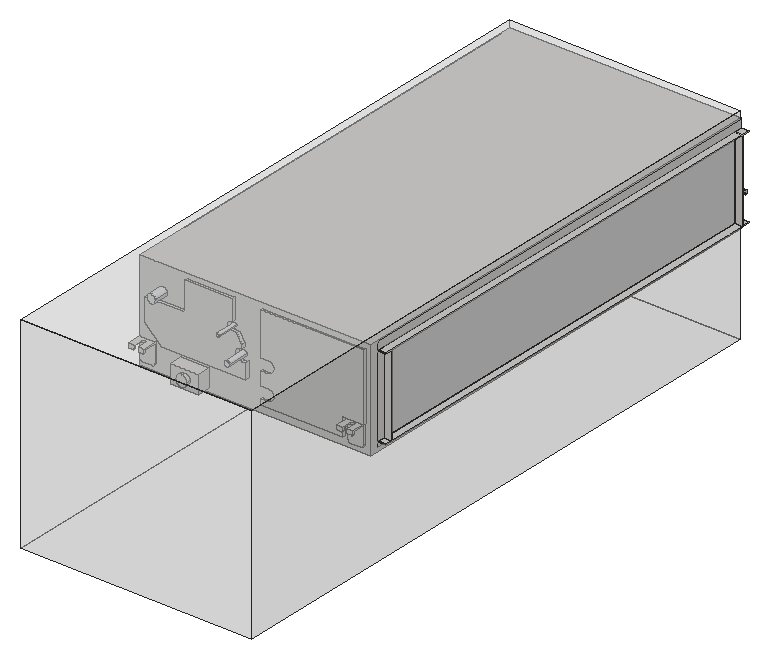
Revit family "outputfile", category 機械設備, Revit 2024
Family settings
  丸型コネクタ寸法 = 半径を使用
  パーツ タイプ = 標準
  OmniClass 番号 = 23.75.10.24.21.27.27
  OmniClass タイトル = Split System Air Conditioning Units
  作業面ベース = いいえ
  常に垂直 = はい
  ロード時にボイドで切り取り = いいえ
  注釈の向きを維持 = いいえ
  共有 = いいえ
  部屋計算ポイント = はい
Parameters (values of type "FXMQ100PAVS")
  Description = ""
  製造元 = "Daikin"
  書き出し IFC クラス(タイプ) = "IfcUnitaryEquipmentType"
  定義済み IFC タイプ(タイプ) = "AIRCONDITIONINGUNIT"
  Cost = 0
  モデル = "FXMQ100PAVS"
  Type Comments = ""
  Keynote = ""
  Type Image = (empty or 0)
  Assembly Code = ""
  r_Liquid Pipe Size = Liquid Pipe Size / 2  # 4.75 mm
  r_Gas Pipe Size = Gas Pipe Size / 2  # 7.95 mm
  r_Drain Pipe Size = Drain Pipe Size / 2  # 12.5 mm
  lw_power = 396.0 mm  # constant formula
  lh_SA = 165.0 mm  # constant formula
  lw_SA = if(Depth = 550.0 mm, 210.0 mm, if(Depth = 700.0 mm, 285.0 mm, if(Depth = 1000.0 mm, 435.0 mm, 635.0 mm)))  # 635.0 mm
  lw_RA = if(Depth = 550.0 mm, 288.0 mm, if(Depth = 700.0 mm, 363.0 mm, if(Depth = 1000.0 mm, 513.0 mm, 713.0 mm)))  # 713.0 mm
  lh_power = 60.0 mm + [h***]  # 60.0 mm
  lh_mountinghole1 = lh_mountinghole + [h***]  # 80.0 mm
  lh_RA = 150.0 mm  # constant formula
  ld_power = Depth / 2  # 700.0 mm
  Voltage_comment_50Hz = "220-240"
  Voltage_50Hz = 220 V
  URL = ""
  Supply Air Direction [instance] = yes
  Sound Power Level_H speed (dB) = 61
  Phase_50Hz = 1
  Minimum External Static Pressure = 50.00 Pa
  Minimum Circuit Amps_50Hz = 2.9 A
  Maximum Fuse Amps_50Hz = 16.0 A
  Maximum External Static Pressure = 200.00 Pa
  Material_Casing = DAIKIN_GalvanizedSteel_Casing_indoorunit
  lw_mountinghole = 631.0 mm  # constant formula
  lh_gaspipe = 144.0 mm + [h***]  # 144.0 mm
  lh_mountinghole = 80.0 mm  # constant formula
  lh_liquidpipe = 212.0 mm + [h***]  # 212.0 mm
  lh_drainpipe = 232.0 mm + [h***]  # 232.0 mm
  lh_antena = Height - lh_mountinghole + 1.0 mm  # 221.0 mm
  ld_drainpipe = Depth / 2 + 54.0 mm  # 754.0 mm
  ld_liquidpipe = 765.0 mm
  ld_gaspipe = 765.0 mm
  ld_mountinghole = Depth + 38.0 mm  # 1438.0 mm
  h*** = 0.0 mm  # constant formula
  lw_liquidpipe = 290.0 mm  # constant formula
  lw_gaspipe = 318.0 mm  # constant formula
  lw_drainpipe = 80.0 mm  # constant formula
  Width = 700.0 mm
  Version = "ver.1.0"
  Unit Type = "Middle-High Static Pressure Duct Type"
  Unit Mass Weight = 45.00 kg
  Unit Designation [instance] = ""
  Uniclass2015Version = "Products v1.30"
  Uniclass2015Title = "Variable refrigerant flow units"
  Uniclass2015Code = "Pr_70_65_03_94"
  Total Heating Capacity [instance] = 0.000 kW
  Total Cooling Capacity [instance] = 0.000 kW
  Sound Pressure Level_M speed (dBA) = 0
  Sound Pressure Level_L speed (dBA) = 39
  Sound Pressure Level_H speed (dBA) = 43
  Series = "VRV Fan Coil Unit"
  Sensible Cooling Capacity [instance] = 0.000 kW
  SA Duct Size Width = if(Depth = 550.0 mm, 310.0 mm, if(Depth = 700.0 mm, 460.0 mm, if(Depth = 1000.0 mm, 760.0 mm, 1160.0 mm)))  # 1160.0 mm
  SA Duct Size Height = 215.0 mm
  Refrigerant Type = "R410A"
  RA Duct Size Width = if(Depth = 550.0 mm, 475.0 mm, if(Depth = 700.0 mm, 625.0 mm, if(Depth = 1000.0 mm, 925.0 mm, 1325.0 mm)))  # 1325.0 mm
  RA Duct Size Height = 247.0 mm
  Power Input (Heating) = 0.364 kW
  Power Input (Cooling) = 0.376 kW
  Option Accessory 3 [instance] = ""
  Option Accessory 2 [instance] = ""
  Option Accessory 1 [instance] = ""
  Nominal Heating Capacity = 12.500 kW
  Nominal Cooling Capacity = 11.200 kW
  Minimum Airflow = 1380.00 m³/h
  Median Airflow = 1620.00 m³/h
  Maximum Airflow = 1920.00 m³/h
  Load Classification = HVAC
  Liquid Pipe Size = 9.5 mm
  Link_Nested Family [instance] = ""
  IfcVersion = "0"
  IfcExportType = "AIRCONDITIONINGUNIT"
  IfcExportAs = "IfcUnitaryEquipmentType"
  Height = 300.0 mm
  Heating Entering Wet Bulb Temperature [instance] = 0.00 °C
  Heating Entering Dry Bulb Temperature [instance] = 0.00 °C
  Heating Ambient Wet Bulb Temperature [instance] = 0.00 °C
  Heating Ambient Dry Bulb Temperature [instance] = 0.00 °C
  Heat Exchanger Type = "Cross Fin Coil"
  Gas Pipe Size = 15.9 mm
  Frequency_50Hz = 50 Hz
  Fan Type = "Sirocco Fan"
  Fan Drive = "Direct Drive"
  FCU Tag No. [instance] = ""
  Drain Pipe Size = 25.0 mm
  Design Supply Airflow [instance] = 0.00 m³/h
  Design Return Airflow [instance] = 0.00 m³/h
  Design External Static Pressure [instance] = 0.00 Pa
  Depth = 1400.0 mm
  既定の高さ = 0.0 mm
  Cooling Entering Wet Bulb Temperature [instance] = 0.00 °C
  Cooling Entering Dry Bulb Temperature [instance] = 0.00 °C
  Cooling Ambient Wet Bulb Temperature [instance] = 0.00 °C
  Cooling Ambient Dry Bulb Temperature [instance] = 0.00 °C
  Clearance visibility [instance] = yes
  Clearance Top = 20.0 mm
  Clearance Right = 0.0 mm
  Clearance Rear = 0.0 mm
  Clearance Left = 0.0 mm
  Clearance Front = 450.0 mm
  Clearance Bottom = 300.0 mm
Reference planes
  plane 1 "Center (Front/Back)": y = 0
  plane 2 "h": z = 0
  plane 3 "Center (Left/Right)": x = 0
  plane 4 "Back": y = 700
  plane 5 "Front": y = -700
  plane 6 "Left": x = -350
  plane 7 "Reight": x = 350
  plane 8 "Top": z = 0
  plane 9 "Bottom": z = -300
  plane 10: y = -215
  plane 11: y = 700
  plane 12: y = -1150
  plane 13: x = -350
  plane 14: x = 350
  plane 15: z = 20
  plane 16: z = -600
  plane 17: x = -350
  plane 18: z = -135
  plane 19: x = -349
  plane 20: x = 349
  plane 21: y = 65
  plane 22: y = 13
  plane 23: z = -150
  plane 24: y = -710.8
  plane 25: z = -14
  plane 26: z = -219
  plane 27: x = -324
  plane 28: x = -60
  plane 29: x = -20
  plane 30: z = -156
  plane 31: x = -32
  plane 32: z = -88
  plane 33: x = 23
  plane 34: x = 335
  plane 35: z = -15.8
  plane 36: z = -274.8
  plane 37: z = -219.8
  plane 38: x = 271
  plane 39: x = -223.3
  plane 40: x = -138.3
  plane 41: z = -232.7
  plane 42: z = -288.5
  plane 43: y = -741
  plane 44: x = -181
  plane 45: z = -260
  plane 46: y = -751
  plane 47: z = -163.8
  plane 48: z = -239.8
  plane 49: x = 46
  plane 50: z = -88
  plane 51: x = -60
  plane 52: y = -765
  plane 53: z = -156
  plane 54: x = -32
  plane 55: y = -754
  plane 56: z = -68
  plane 57: x = -270
  plane 58: x = -270
  plane 59: x = -60
  plane 60: x = -32
  plane 61: x = 46
  plane 62: x = -323
  plane 63: x = 308
  plane 64: y = -719
  plane 65: y = 719
  plane 66: z = -220
  plane 67: y = -706
  plane 68: x = -204
  plane 69: z = -100.2
  plane 70: x = -374
  plane 71: x = 374
Forms (mm)
  Extrusion 1, solid, material "DAIKIN_GalvanizedSteel_Casing_indoorunit" <- "Material_Casing"
    sketch origin (0, 0, 0) x (1, 0, 0) y (0, 1, 0)
      loop
        line (-349, 700) -> (-349, -700) -> (349, -700) -> (349, 700) -> (-349, 700)
    from -300 to 0
  Extrusion 2, solid, material "DAIKIN_GalvanizedSteel_Casing_indoorunit" <- "Material_Casing"
    sketch origin (0, 0, 0) x (1, 0, 0) y (0, 0, 1)
      loop
        line (-324, -100.2) -> (-324, -168) -> (-273, -219) -> (-20, -219) -> (-20, -173.5) -> (-32, -173.5)
        arc (-32, -173.5) -> (-49.5, -156) -> (-32, -138.5) r 17.5
        line (-32, -138.5) -> (-32, -127.5) -> (-47, -101) -> (-60, -101)
        arc (-60, -101) -> (-73, -88) -> (-60, -75) r 13
        line (-60, -75) -> (-60, -14) -> (-204, -14) -> (-204, -100.2) -> (-324, -100.2)
    from 700 to 710.8
  Extrusion 3, solid, material "DAIKIN_GalvanizedSteel_Casing_indoorunit" <- "Material_Casing"
    sketch origin (0, 0, 0) x (1, 0, 0) y (0, 0, 1)
      loop
        line (23, -274.8) -> (271, -274.8) -> (271, -219.8) -> (335, -219.8) -> (335, -15.8) -> (23, -15.8) -> (23, -146.3) -> (46, -146.3)
        arc (46, -146.3) -> (63.5, -163.8) -> (46, -181.3) r 17.5
        line (46, -181.3) -> (23, -181.3) -> (23, -222.3) -> (46, -222.3)
        arc (46, -222.3) -> (63.5, -239.8) -> (46, -257.3) r 17.5
        line (46, -257.3) -> (23, -257.3) -> (23, -274.8)
    from 700 to 706
  Extrusion 4, solid, material "DAIKIN_GalvanizedSteel_Casing_indoorunit" <- "Material_Casing"
    sketch origin (0, 0, 0) x (1, 0, 0) y (0, 0, 1)
      loop
        line (-223.3, -232.7) -> (-223.3, -288.5) -> (-138.3, -288.5) -> (-138.3, -232.7) -> (-223.3, -232.7)
    from 700 to 741
  Extrusion 5, solid, material "DAIKIN_GalvanizedSteel_Casing_indoorunit" <- "Material_Casing"
    sketch origin (0, 0, 0) x (1, 0, 0) y (0, 0, 1)
      loop
        circle (-181, -260) r 16.5
    from 741 to 751
  Extrusion 6, solid
    sketch origin (0, 0, 0) x (1, 0, 0) y (0, 0, 1)
      loop
        circle (-60, -88) r 4.75
    from 700 to 765
  Extrusion 7, solid
    sketch origin (0, 0, 0) x (1, 0, 0) y (0, 0, 1)
      loop
        circle (-32, -156) r 7.95
    from 700 to 765
  Extrusion 8, solid
    sketch origin (0, 0, 0) x (1, 0, 0) y (0, 0, 1)
      loop
        circle (-270, -68) r 12.5
    from 710.8 to 754
Dimensions and locks
  "Height": plane 8 "Top" to plane 9 "Bottom"
  equal spacing: plane 4 "Back", plane 1 "Center (Front/Back)", plane 5 "Front"
  "Depth": plane 4 "Back" to plane 5 "Front"
  equal spacing: plane 6 "Left", plane 3 "Center (Left/Right)", plane 7 "Reight"
  "Width": plane 6 "Left" to plane 7 "Reight"
  "Clearance Left": plane 13 to plane 6 "Left"
  "Clearance Right": plane 7 "Reight" to plane 14
  "Clearance Rear": plane 11 to plane 4 "Back"
  "Clearance Front": plane 5 "Front" to plane 12
  "Clearance Top": plane 15 to plane 8 "Top"
  "Clearance Bottom": plane 9 "Bottom" to plane 16
  "lh_SA": plane 18 to plane 9 "Bottom"
  locked: plane 17 to plane 19 at 1
  locked: plane 20 to plane 14 at 1
  "lw_SA": plane 11 to plane 21
  "lw_RA": plane 22 to plane 5 "Front"
  "lh_RA": plane 23 to plane 9 "Bottom"
  locked: plane 5 "Front" to plane 24 at 10.8
  plane 29 to plane 28 to plane 27 to plane 6 "Left" = 40.0 mm, 264.0 mm, 26.0 mm
  locked: plane 31 to plane 6 "Left" at 318
  plane 34 to plane 33 to plane 6 "Left" = 312.0 mm locked, 373.0 mm locked
  locked: plane 34 to plane 38 at 64
  locked: plane 37 to plane 36 at 55
  plane 40 to plane 39 to plane 6 "Left" = 85.0 mm locked, 126.7 mm locked
  locked: plane 5 "Front" to plane 43 at 41
  locked: plane 44 to plane 6 "Left" at 169
  locked: plane 43 to plane 46 at 10
  plane 47 to plane 48 to plane 36 = 76.0 mm locked, 35.0 mm locked
  locked: plane 49 to plane 33 at 23
  "lw_liquidpipe": plane 51 to plane 6 "Left"
  "lh_liquidpipe": plane 50 to plane 9 "Bottom"
  "lh_gaspipe": plane 53 to plane 9 "Bottom"
  "lw_gaspipe": plane 54 to plane 6 "Left"
  "ld_gaspipe": plane 52 to plane 1 "Center (Front/Back)"
  "ld_drainpipe": plane 55 to plane 1 "Center (Front/Back)"
  "lh_drainpipe": plane 56 to plane 9 "Bottom"
  "lw_drainpipe": plane 57 to plane 6 "Left"
  "lw_drainpipe": plane 6 "Left" to plane 58
  "lw_liquidpipe": plane 6 "Left" to plane 59
  "lw_gaspipe": plane 6 "Left" to plane 60
  "lw_power": plane 6 "Left" to plane 61
  plane 17 to plane 62 = 27.0 mm
  "lw_mountinghole": plane 62 to plane 63
  equal spacing: plane 64, plane 1 "Center (Front/Back)", plane 65
  "ld_mountinghole": plane 65 to plane 64
  "lh_mountinghole": plane 66 to plane 9 "Bottom"
  plane 8 "Top" to plane 41 to plane 42 = 232.7 mm locked, 55.8 mm locked
  locked: plane 8 "Top" to plane 45 at 260
  plane 8 "Top" to plane 25 to plane 26 = 14.0 mm locked, 205.0 mm locked
  plane 8 "Top" to plane 32 to plane 30 = 88.0 mm locked, 68.0 mm locked
  plane 8 "Top" to plane 35 to plane 36 = 15.8 mm locked, 259.0 mm locked
  locked: plane 5 "Front" to plane 67 at 6
  locked: plane 25 to plane 69 at 86.2
  locked: plane 27 to plane 68 at 120
  locked: plane 70 to plane 6 "Left" at 24
  locked: plane 14 to plane 71 at 24
  "r_Liquid Pipe Size": radius of Extrusion 6 sketch curve
  "r_Gas Pipe Size": radius of Extrusion 7 sketch curve
  "r_Drain Pipe Size": radius of Extrusion 8 sketch curve
  aligned and locked: level to plane 2 "h"
  aligned and locked: plane 8 "Top" to Extrusion 1
  aligned and locked: Extrusion 1 to plane 9 "Bottom"
  aligned and locked: nested 5 to plane 12
  aligned and locked: plane 13 to nested 5
  aligned and locked: plane 14 to nested 5
  aligned and locked: nested 5 to plane 13
  aligned and locked: plane 11 to nested 5
  aligned and locked: plane 15 to nested 5
  aligned and locked: plane 16 to nested 5
  aligned and locked: plane 5 "Front" to Extrusion 1 sketch curve
  aligned and locked: Extrusion 1 to plane 19
  aligned and locked: plane 20 to Extrusion 1
  aligned and locked: nested 7 to plane 19
  aligned and locked: nested 7 to plane 21
  aligned and locked: plane 18 to nested 7
  aligned and locked: plane 20 to nested 8
  aligned and locked: plane 22 to nested 8
  aligned and locked: plane 23 to nested 8
  aligned and locked: Extrusion 2 to plane 24
  aligned and locked: plane 5 "Front" to Extrusion 2
  aligned and locked: plane 36 to Extrusion 3 sketch curve
  aligned and locked: plane 38 to Extrusion 3 sketch curve
  aligned and locked: plane 37 to Extrusion 3 sketch curve
  aligned and locked: Extrusion 3 sketch curve to plane 34
  aligned and locked: Extrusion 3 sketch curve to plane 35
  aligned and locked: Extrusion 3 sketch curve to plane 33
  aligned and locked: plane 5 "Front" to Extrusion 3
  aligned and locked: Extrusion 4 sketch curve to plane 41
  aligned and locked: Extrusion 4 sketch curve to plane 39
  aligned and locked: plane 42 to Extrusion 4 sketch curve
  aligned and locked: plane 40 to Extrusion 4 sketch curve
  aligned and locked: Extrusion 4 to plane 43
  aligned and locked: plane 5 "Front" to Extrusion 4
  aligned and locked: Extrusion 5 sketch curve to plane 44
  aligned and locked: plane 45 to Extrusion 5 sketch curve
  aligned and locked: Extrusion 5 to plane 46
  aligned and locked: plane 43 to Extrusion 5
  aligned and locked: Extrusion 6 sketch curve to plane 51
  aligned and locked: plane 50 to Extrusion 6 sketch curve
  aligned and locked: Extrusion 6 to plane 52
  aligned and locked: plane 5 "Front" to Extrusion 6
  aligned and locked: Extrusion 7 sketch curve to plane 54
  aligned and locked: plane 53 to Extrusion 7 sketch curve
  aligned and locked: Extrusion 7 to Extrusion 6
  aligned and locked: plane 5 "Front" to Extrusion 7
  aligned and locked: Extrusion 8 sketch curve to plane 57
  aligned and locked: plane 56 to Extrusion 8 sketch curve
  aligned and locked: Extrusion 8 to plane 55
  aligned and locked: plane 24 to Extrusion 8
  aligned and locked: nested 3 to plane 55
  aligned and locked: nested 3 to plane 58
  aligned and locked: nested 2 to plane 59
  aligned and locked: nested 2 to plane 52
  aligned and locked: nested 1 to plane 60
  aligned and locked: Extrusion 7 to plane 52
  aligned and locked: nested 1 to plane 52
  aligned and locked: nested 6 to plane 5 "Front"
  aligned and locked: nested 6 to plane 61
  aligned and locked: plane 62 to nested 10
  aligned and locked: nested 10 to plane 5 "Front"
  aligned and locked: plane 63 to nested 9
  aligned and locked: nested 9 to plane 5 "Front"
  aligned and locked: nested 11 to plane 62
  aligned and locked: plane 4 "Back" to nested 11
  aligned and locked: nested 12 to plane 63
  aligned and locked: plane 4 "Back" to nested 12
  aligned and locked: plane 66 to nested 10
  aligned and locked: plane 66 to nested 11
  aligned and locked: plane 66 to nested 9
  aligned and locked: plane 66 to nested 12
  aligned and locked: plane 62 to nested 14
  aligned and locked: nested 14 to plane 65
  aligned and locked: plane 63 to nested 13
  aligned and locked: nested 13 to plane 65
  aligned and locked: plane 63 to nested 16
  aligned and locked: plane 64 to nested 16
  aligned and locked: plane 64 to nested 15
  aligned and locked: plane 62 to nested 15
  aligned and locked: Extrusion 3 to plane 67
  aligned and locked: Extrusion 2 sketch curve to plane 68
  aligned and locked: plane 69 to Extrusion 2 sketch curve
  aligned and locked: nested 17 to plane 21
  aligned and locked: nested 17 to plane 70
  aligned and locked: plane 18 to nested 17
  aligned and locked: plane 22 to nested 18
  aligned and locked: plane 71 to nested 18
  aligned and locked: nested 18 to plane 23
  aligned and locked: nested 4 to plane 3 "Center (Left/Right)"
  aligned and locked: plane 1 "Center (Front/Back)" to nested 4
  aligned and locked: level to plane 8 "Top"
Automatic sketch dimensions
  plane 6 "Left" to Extrusion 1 sketch curve = 1.0 mm
  Extrusion 1 sketch curve to plane 7 "Reight" = 1.0 mm
  Extrusion 1 sketch curve to plane 4 "Back" = 0.0 mm
  Extrusion 3 sketch curve to plane 33 = 0.0 mm  (x2)
  Extrusion 3 sketch curve to plane 47 = 0.0 mm
  Extrusion 3 sketch curve to plane 49 = 0.0 mm  (x4)
  Extrusion 3 sketch curve to plane 48 = 0.0 mm
  Extrusion 3 sketch curve to plane 37 = 2.5 mm
  plane 23 to Extrusion 3 sketch curve = 3.7 mm
  plane 27 to Extrusion 2 sketch curve = 0.0 mm
  Extrusion 2 sketch curve to plane 26 = 0.0 mm
  Extrusion 2 sketch curve to plane 28 = 0.0 mm
  Extrusion 2 sketch curve to plane 31 = 0.0 mm
  Extrusion 2 sketch curve to plane 29 = 0.0 mm
  Extrusion 2 sketch curve to plane 30 = 0.0 mm
  Extrusion 2 sketch curve to plane 32 = 0.0 mm
  Extrusion 2 sketch curve to plane 25 = 0.0 mm
  Extrusion 2 sketch curve to Extrusion 2 sketch curve = 13.0 mm
  Extrusion 2 sketch curve to Extrusion 2 sketch curve = 17.5 mm
  plane 18 to Extrusion 2 sketch curve = 7.5 mm
  Extrusion 2 sketch curve to plane 58 = 3.0 mm
  Extrusion 2 sketch curve to plane 30 = 12.0 mm
  Extrusion 2 sketch curve to Extrusion 2 sketch curve = 0.8 mm
  radius of Extrusion 5 sketch curve = 16.5 mm
Nested families
  nested 1: "daikin_connector_rotate2" at (-32, 0, -156), length <- "ld_gaspipe", built-in parameter 1001364 <- "lh_gaspipe", radius <- "r_Gas Pipe Size", type "daikin_connector_rotate2"
    with radius 7.95 mm, length 765.0 mm, angle_vertical 90.00°
  nested 2: "daikin_connector_rotate2" at (-60, 0, -88), length <- "ld_liquidpipe", built-in parameter 1001364 <- "lh_liquidpipe", radius <- "r_Liquid Pipe Size", type "daikin_connector_rotate2"
    with radius 4.75 mm, length 765.0 mm, angle_vertical 90.00°
  nested 3: "daikin_connector_rotate2" at (-270, 0, -68), length <- "ld_drainpipe", built-in parameter 1001364 <- "lh_drainpipe", radius <- "r_Drain Pipe Size", type "daikin_connector_rotate2"
    with radius 12.5 mm, length 754.0 mm, angle_vertical 90.00°
  nested 4: "daikin_△_symbolicline" at (0, 0, 300) x (0, -1, 0) z (0, 0, 1), built-in parameter 1001364 <- "Height", visible <- "Supply Air Direction", type "daikin_△_symbolicline"
    with length 200.0 mm
  nested 5: "daikin_clearancespace" at (0, -225, -289.881), visible <- "Clearance visibility", show <- "Clearance visibility", Link_Nested Family <- "Link_Nested Family", type "daikin_clearancespace"
    with width 700.0 mm, show yes, height 620.0 mm, depth 1850.0 mm, Link_Nested Family ""
  nested 6: "daikin_connector_rotate2" at (46, 0, -240), built-in parameter 1001364 <- "lh_power", length <- "ld_power", type "daikin_connector_rotate2"
    with radius 10.0 mm, length 700.0 mm, angle_vertical 90.00°
  nested 7: "daikin_ductflange_FXMQ-PAVS2" at (-349, 65, -135) x (0, -1, 0) z (0, 0, 1), type "daikin_ductflange_FXMQ-PAVS2"
    with width 1160.0 mm, w 1400.0 mm
  nested 8: "daikin_ductflange_FXMQ-PAVS" at (349, 13, -150) x (0, 1, 0) z (0, 0, 1), type "daikin_ductflange_FXMQ-PAVS"
    with width 1325.0 mm, w 1400.0 mm
  nested 9: "daikin_hangerfixture_FXMQ-PAVS" at (308, -700, -220), type "daikin_hangerfixture_FXMQ-PAVS"
  nested 10: "daikin_hangerfixture_FXMQ-PAVS" at (-323, -700, -220), type "daikin_hangerfixture_FXMQ-PAVS"
  nested 11: "daikin_hangerfixture_FXMQ-PAVS" at (-323, 700, -220) x (-1, 0, 0) z (0, 0, 1), type "daikin_hangerfixture_FXMQ-PAVS"
  nested 12: "daikin_hangerfixture_FXMQ-PAVS" at (308, 700, -220) x (-1, 0, 0) z (0, 0, 1), type "daikin_hangerfixture_FXMQ-PAVS"
  nested 13: "daikin_mountinghole" at (308, 719, -300), h_mountinghole <- "lh_mountinghole1", l_antenna <- "lh_antena", Link_Nested Family <- "Link_Nested Family", type "daikin_mountinghole"
    with show yes, l_antenna 221.0 mm, h_mountinghole 80.0 mm, Link_Nested Family ""
  nested 14: "daikin_mountinghole" at (-323, 719, -300), h_mountinghole <- "lh_mountinghole1", l_antenna <- "lh_antena", Link_Nested Family <- "Link_Nested Family", type "daikin_mountinghole"
    with show yes, l_antenna 221.0 mm, h_mountinghole 80.0 mm, Link_Nested Family ""
  nested 15: "daikin_mountinghole" at (-323, -719, -300), h_mountinghole <- "lh_mountinghole1", l_antenna <- "lh_antena", Link_Nested Family <- "Link_Nested Family", type "daikin_mountinghole"
    with show yes, l_antenna 221.0 mm, h_mountinghole 80.0 mm, Link_Nested Family ""
  nested 16: "daikin_mountinghole" at (308, -719, -300), h_mountinghole <- "lh_mountinghole1", l_antenna <- "lh_antena", Link_Nested Family <- "Link_Nested Family", type "daikin_mountinghole"
    with show yes, l_antenna 221.0 mm, h_mountinghole 80.0 mm, Link_Nested Family ""
  nested 17: "daikin_connector_rotate2" at (-350, 65, -135) x (0, -1, 0) z (0, 0, 1), type "daikin_connector_rotate2"
    with radius 10.0 mm, length 24.0 mm, angle_vertical 90.00°
  nested 18: "daikin_connector_rotate2" at (350, 13, -150) x (0, 1, 0) z (0, 0, 1), type "daikin_connector_rotate2"
    with radius 10.0 mm, length 24.0 mm, angle_vertical 90.00°
Connectors
  piping at (-270, -754, -68), diameter 25, driven by "r_Drain Pipe Size"
    settings: on nested 3, index 3, connector inside diameter 609.6 mm, connector length 0.0 mm, flow factor 0, pipe flow 0.00 m³/h, pressure drop 0.0 Pa, fitting loss kfactor 0, connector angle 0.00°, fixture units 0, engagement length 0.0 mm, angle of deflection 0.00°, flow configuration 1, flow direction 2, fitting loss method 4, system type 16, joint type 0, gender type 0, connector reference index -1, connector utility 0, adjustable connector no, is connector primary yes, connector description "Condensate Drain Piping"
  piping at (-32, -765, -156), diameter 15.9, driven by "r_Gas Pipe Size"
    settings: on nested 1, index 4, connector inside diameter 609.6 mm, connector length 0.0 mm, flow factor 0, pipe flow 0.00 m³/h, pressure drop 0.0 Pa, fitting loss kfactor 0, connector angle 0.00°, fixture units 0, engagement length 0.0 mm, angle of deflection 0.00°, flow configuration 1, flow direction 2, fitting loss method 0, system type 29, joint type 0, gender type 0, connector reference index -1, connector utility 0, adjustable connector no, is connector primary no, connector description "Refrigerant Gas Piping"
  piping at (-60, -765, -88), diameter 9.5, driven by "r_Liquid Pipe Size"
    settings: on nested 2, index 5, connector inside diameter 609.6 mm, connector length 0.0 mm, flow factor 0, pipe flow 0.00 m³/h, pressure drop 0.0 Pa, fitting loss kfactor 0, connector angle 0.00°, fixture units 0, engagement length 0.0 mm, angle of deflection 0.00°, flow configuration 1, flow direction 1, fitting loss method 0, system type 29, joint type 0, gender type 0, connector reference index -1, connector utility 0, adjustable connector no, is connector primary no, connector description "Refrigerant Liquid Piping"
  electrical at (46, -700, -240), driven by "Load Classification"
    settings: on nested 6, index 6, voltage 0 V, apparent load 0 VA, apparent load phase1 0 VA, apparent load phase2 0 VA, apparent load phase3 0 VA, power factor 1, load classification "HVAC", number of poles 1, system type 30, power factor state 1, is connector primary yes, connector utility no, sub classification motor no, connector description "Power Supply"
  hvac at (-374, 65, -135), driven by "SA Duct Size Height", driven by "SA Duct Size Width"
    settings: on nested 17, index 7, duct flow 0.00 m³/h, flow factor 0, pres drop 0.00 Pa, loss coef 0, conn angle 0.00°, conn width 1160.0 mm, conn height 215.0 mm, conn diameter 609.6 mm, duct sys type 1, conn prof type 1, flow config 0, flow direction 2, loss method 4, conn ref index -1, conn util no, is conn primary yes, conn desc "SA Duct"
  hvac at (374, 13, -150), driven by "RA Duct Size Height", driven by "RA Duct Size Width"
    settings: on nested 18, index 8, duct flow 0.00 m³/h, flow factor 0, pres drop 0.00 Pa, loss coef 0, conn angle 0.00°, conn width 1325.0 mm, conn height 247.0 mm, conn diameter 609.6 mm, duct sys type 2, conn prof type 1, flow config 0, flow direction 1, loss method 4, conn ref index -1, conn util no, is conn primary no, conn desc "RA Duct"
Definition of nested family "daikin_clearancespace"
  Parameters (values of type "daikin_clearancespace")
    width [instance] = 1823.963 mm
    show [instance] = yes
    material = none
    height [instance] = 1359.762 mm
    depth [instance] = 880.0 mm
    Default Elevation = 0.0 mm
    Link_Nested Family [instance] = ""
  Reference planes
    plane 1 "Center (Front/Back)": y = 0
    plane 2 "Center (Elevation)": z = -0.119
    plane 3 "Center (Left/Right)": x = 0
    plane 4: y = 440
    plane 5: y = -440
    plane 6 "Right": x = 911.982
    plane 7 "Left": x = -911.982
    plane 8 "Top": z = 679.762
    plane 9 "Bottom": z = -680
  Forms (mm)
    Extrusion 1, solid, material <- "material", visible <- "show"
      sketch origin (0, 0, 0) x (1, 0, 0) y (0, 1, 0)
        loop
          line (-911.982, 440) -> (-911.982, -440) -> (911.982, -440) -> (911.982, 440) -> (-911.982, 440)
      from -680 to 679.762
  Lines and regions (mm)
    symbolic lines, visible <- "show"
      curve 1: line (911.982, 440, 0) -> (-911.982, 440, 0)
      curve 2: line (-911.982, 440, 0) -> (-911.982, -440, 0)
      curve 3: line (-911.982, -440, 0) -> (911.982, -440, 0)
      curve 4: line (911.982, -440, 0) -> (911.982, 440, 0)
      curve 5: line (911.982, 0, 679.762) -> (-911.982, 0, 679.762)
      curve 6: line (911.982, 0, -680) -> (911.982, 0, 679.762)
      curve 7: line (-911.982, 0, -680) -> (911.982, 0, -680)
      curve 8: line (-911.982, 0, 679.762) -> (-911.982, 0, -680)
      curve 9: line (0, 440, 679.762) -> (0, -440, 679.762)
      curve 10: line (0, -440, 679.762) -> (0, -440, -680)
      curve 11: line (0, 440, -680) -> (0, 440, 679.762)
      curve 12: line (0, -440, -680) -> (0, 440, -680)
  Dimensions and locks
    "width": plane 7 "Left" to plane 6 "Right"
    "depth": plane 4 to plane 5
    "height": plane 8 "Top" to plane 9 "Bottom"
    equal spacing: plane 7 "Left", plane 3 "Center (Left/Right)", plane 6 "Right"
    equal spacing: plane 4, plane 1 "Center (Front/Back)", plane 5
    equal spacing: plane 8 "Top", plane 2 "Center (Elevation)", plane 9 "Bottom"
    aligned and locked: level to plane 2 "Center (Elevation)"
    aligned and locked: Extrusion 1 sketch curve to plane 4
    aligned and locked: plane 7 "Left" to Extrusion 1 sketch curve
    aligned and locked: Extrusion 1 sketch curve to plane 5
    aligned and locked: Extrusion 1 sketch curve to plane 6 "Right"
    aligned and locked: plane 8 "Top" to Extrusion 1
    aligned and locked: curve 1 to Extrusion 1
    aligned and locked: curve 2 to Extrusion 1
    aligned and locked: curve 3 to Extrusion 1
    aligned and locked: curve 4 to Extrusion 1
    aligned and locked: curve 5 to Extrusion 1
    aligned and locked: curve 6 to Extrusion 1
    aligned and locked: curve 7 to Extrusion 1
    aligned and locked: curve 8 to Extrusion 1
    aligned and locked: curve 9 to Extrusion 1
    aligned and locked: curve 10 to Extrusion 1
    aligned and locked: curve 11 to Extrusion 1
    aligned and locked: curve 12 to Extrusion 1
    aligned and locked: Extrusion 1 to plane 9 "Bottom"
Definition of nested family "daikin_ductflange_FXMQ-PAVS2"
  Parameters (values of type "daikin_ductflange_FXDSQ-AVM2")
    width = if(w = 550.0 mm, 310.0 mm, if(w = 700.0 mm, 460.0 mm, if(w = 1000.0 mm, 760.0 mm, 1160.0 mm)))  # 310.0 mm
    material = none
    height = 215.0 mm
    depth = 1.0 mm
    w = 550.0 mm
    Default Elevation = 0.0 mm
  Reference planes
    plane 1 "Center (Front/Back)": y = 0
    plane 2: z = 0
    plane 3 "Center (Left/Right)": x = 0
    plane 4: z = 107.5
    plane 5: z = -107.5
    plane 6: y = -25
    plane 7: z = 132.5
    plane 8: z = 108.5
    plane 9: y = -1
    plane 10: x = -177.5
    plane 11: x = 177.5
    plane 12: z = -132.5
    plane 13: z = -108.5
    plane 14: y = -1
    plane 15: x = 155
    plane 16: x = -155
    plane 17: x = 156
    plane 18: z = 106.5
    plane 19: z = -106.5
    plane 20: x = -156
    plane 21: z = 106.5
    plane 22: z = -106.5
    plane 23: y = -1
  Forms (mm)
    Extrusion 1, solid, material <- "material"
      sketch origin (0, 0, 0) x (0, 1, 0) y (0, 0, 1)
        loop
          line (-25, 107.5) -> (0, 107.5) -> (0, 132.5) -> (-1, 132.5) -> (-1, 108.5) -> (-25, 108.5) -> (-25, 107.5)
      from -177.5 to 177.5
    Extrusion 2, solid, material <- "material"
      sketch origin (0, 0, 0) x (0, 1, 0) y (0, 0, 1)
        loop
          line (-25, -107.5) -> (-25, -108.5) -> (-1, -108.5) -> (-1, -132.5) -> (0, -132.5) -> (0, -107.5) -> (-25, -107.5)
      from -177.5 to 177.5
    Extrusion 3, solid, material <- "material"
      sketch origin (0, 0, 0) x (1, 0, 0) y (0, 0, 1)
        loop
          line (155, 107.5) -> (155, -107.5) -> (177.5, -107.5) -> (177.5, -106.5) -> (156, -106.5) -> (156, 106.5) -> (177.5, 106.5) -> (177.5, 107.5) -> (155, 107.5)
      from 0 to 25
    Extrusion 4, solid, material <- "material"
      sketch origin (0, 0, 0) x (1, 0, 0) y (0, 0, 1)
        loop
          line (-177.5, 107.5) -> (-177.5, 106.5) -> (-156, 106.5) -> (-156, -106.5) -> (-177.5, -106.5) -> (-177.5, -107.5) -> (-155, -107.5) -> (-155, 107.5) -> (-177.5, 107.5)
      from 0 to 25
    Extrusion 5, solid, material <- "material"
      sketch origin (0, 0, 0) x (1, 0, 0) y (0, 0, 1)
        loop
          line (-177.5, 107.5) -> (-177.5, -107.5) -> (-155, -107.5) -> (-155, 107.5) -> (-177.5, 107.5)
        loop
          line (177.5, 107.5) -> (155, 107.5) -> (155, -107.5) -> (177.5, -107.5) -> (177.5, 107.5)
      from 0 to 1
  Cuts and joins
    joined: Extrusion 1, Extrusion 2, Extrusion 3, Extrusion 4, Extrusion 5
  Dimensions and locks
    plane 4 to level to plane 5 = 107.5 mm locked, 107.5 mm locked
    locked: plane 6 to plane 1 "Center (Front/Back)" at 25
    locked: plane 9 to plane 1 "Center (Front/Back)" at 1
    locked: plane 8 to plane 4 at 1
    locked: plane 11 to plane 15 at 22.5
    locked: plane 16 to plane 10 at 22.5
    locked: plane 17 to plane 15 at 1
    locked: plane 4 to plane 18 at 1
    locked: plane 19 to plane 5 at 1
    "width": plane 15 to plane 16
    plane 4 to plane 5 = 215.0 mm
    equal spacing: plane 15, plane 3 "Center (Left/Right)", plane 16
    locked: plane 16 to plane 20 at 1
    locked: plane 4 to plane 21 at 1
    locked: plane 22 to plane 5 at 1
    locked: plane 23 to plane 1 "Center (Front/Back)" at 1
    aligned and locked: level to plane 2
    aligned and locked: Extrusion 1 to plane 10
    aligned and locked: plane 11 to Extrusion 1
    aligned and locked: plane 5 to Extrusion 2
    aligned and locked: Extrusion 2 to plane 1 "Center (Front/Back)"
    aligned and locked: plane 15 to Extrusion 3 sketch curve
    aligned and locked: Extrusion 3 sketch curve to Extrusion 2  (x2)
    aligned and locked: Extrusion 3 sketch curve to plane 11
    aligned and locked: plane 6 to Extrusion 3
    aligned and locked: Extrusion 2 to plane 10
    aligned and locked: plane 11 to Extrusion 2
    aligned and locked: Extrusion 4 sketch curve to Extrusion 1  (x2)
    aligned and locked: plane 5 to Extrusion 4 sketch curve
    aligned and locked: Extrusion 4 sketch curve to plane 16
    aligned and locked: Extrusion 4 sketch curve to plane 22
    aligned and locked: plane 20 to Extrusion 4 sketch curve
    aligned and locked: plane 21 to Extrusion 4 sketch curve
    aligned and locked: Extrusion 4 to plane 1 "Center (Front/Back)"
    aligned and locked: plane 6 to Extrusion 4
    aligned and locked: Extrusion 5 sketch curve to Extrusion 1  (x4)
    aligned and locked: Extrusion 5 sketch curve to Extrusion 4  (x2)
    aligned and locked: Extrusion 5 sketch curve to Extrusion 3  (x2)
    aligned and locked: Extrusion 5 to plane 1 "Center (Front/Back)"
    aligned and locked: plane 23 to Extrusion 5
  Automatic sketch dimensions
    Extrusion 1 sketch curve to plane 6 = 0.0 mm
    Extrusion 1 sketch curve to plane 7 = 0.0 mm
    Extrusion 1 sketch curve to plane 9 = 0.0 mm
    Extrusion 1 sketch curve to plane 1 "Center (Front/Back)" = 0.0 mm
    Extrusion 1 sketch curve to plane 4 = 0.0 mm
    Extrusion 1 sketch curve to plane 8 = 0.0 mm
    Extrusion 2 sketch curve to plane 6 = 0.0 mm
    plane 12 to Extrusion 2 sketch curve = 0.0 mm
    Extrusion 2 sketch curve to plane 14 = 0.0 mm
    Extrusion 2 sketch curve to plane 1 "Center (Front/Back)" = 0.0 mm
    plane 13 to Extrusion 2 sketch curve = 0.0 mm
    Extrusion 2 sketch curve to plane 5 = 0.0 mm
    Extrusion 3 sketch curve to plane 17 = 0.0 mm
    Extrusion 3 sketch curve to plane 19 = 0.0 mm
    Extrusion 3 sketch curve to plane 18 = 0.0 mm
    Extrusion 3 sketch curve to plane 4 = 0.0 mm
    Extrusion 4 sketch curve to plane 10 = 0.0 mm
Definition of nested family "daikin_ductflange_FXMQ-PAVS"
  Parameters (values of type "daikin_ductflange_FXDSQ-AVM")
    width = if(w = 550.0 mm, 475.0 mm, if(w = 700.0 mm, 625.0 mm, if(w = 1000.0 mm, 925.0 mm, 1325.0 mm)))  # 475.0 mm
    material = none
    height = 247.0 mm
    depth = 1.0 mm
    w = 550.0 mm
    Default Elevation = 0.0 mm
  Reference planes
    plane 1 "Center (Front/Back)": y = 0
    plane 2: z = 0
    plane 3 "Center (Left/Right)": x = 0
    plane 4: z = 123.5
    plane 5: z = -123.5
    plane 6: y = -25
    plane 7: z = 146.5
    plane 8: z = 124.5
    plane 9: y = -1
    plane 10: x = -260
    plane 11: x = 260
    plane 12: z = -137
    plane 13: z = -124.5
    plane 14: y = -1
    plane 15: x = 237.5
    plane 16: x = -237.5
    plane 17: x = 238.5
    plane 18: z = 122.5
    plane 19: z = -122.5
    plane 20: x = -238.5
    plane 21: z = 122.5
    plane 22: z = -122.5
    plane 23: y = -1
  Forms (mm)
    Extrusion 1, solid, material <- "material"
      sketch origin (0, 0, 0) x (0, 1, 0) y (0, 0, 1)
        loop
          line (-25, 123.5) -> (0, 123.5) -> (0, 146.5) -> (-1, 146.5) -> (-1, 124.5) -> (-25, 124.5) -> (-25, 123.5)
      from -260 to 260
    Extrusion 2, solid, material <- "material"
      sketch origin (0, 0, 0) x (0, 1, 0) y (0, 0, 1)
        loop
          line (-25, -123.5) -> (-25, -124.5) -> (-1, -124.5) -> (-1, -137) -> (0, -137) -> (0, -123.5) -> (-25, -123.5)
      from -260 to 260
    Extrusion 3, solid, material <- "material"
      sketch origin (0, 0, 0) x (1, 0, 0) y (0, 0, 1)
        loop
          line (237.5, 123.5) -> (237.5, -123.5) -> (260, -123.5) -> (260, -122.5) -> (238.5, -122.5) -> (238.5, 122.5) -> (260, 122.5) -> (260, 123.5) -> (237.5, 123.5)
      from 0 to 25
    Extrusion 4, solid, material <- "material"
      sketch origin (0, 0, 0) x (1, 0, 0) y (0, 0, 1)
        loop
          line (-260, 123.5) -> (-260, 122.5) -> (-238.5, 122.5) -> (-238.5, -122.5) -> (-260, -122.5) -> (-260, -123.5) -> (-237.5, -123.5) -> (-237.5, 123.5) -> (-260, 123.5)
      from 0 to 25
    Extrusion 5, solid, material <- "material"
      sketch origin (0, 0, 0) x (1, 0, 0) y (0, 0, 1)
        loop
          line (-260, 123.5) -> (-260, -123.5) -> (-237.5, -123.5) -> (-237.5, 123.5) -> (-260, 123.5)
        loop
          line (260, 123.5) -> (237.5, 123.5) -> (237.5, -123.5) -> (260, -123.5) -> (260, 123.5)
      from 0 to 1
  Cuts and joins
    joined: Extrusion 1, Extrusion 2, Extrusion 3, Extrusion 4, Extrusion 5
  Dimensions and locks
    plane 4 to level to plane 5 = 123.5 mm, 123.5 mm
    locked: plane 6 to plane 1 "Center (Front/Back)" at 25
    locked: plane 9 to plane 1 "Center (Front/Back)" at 1
    locked: plane 8 to plane 4 at 1
    locked: plane 11 to plane 15 at 22.5
    locked: plane 16 to plane 10 at 22.5
    locked: plane 17 to plane 15 at 1
    locked: plane 4 to plane 18 at 1
    locked: plane 19 to plane 5 at 1
    "width": plane 15 to plane 16
    equal spacing: plane 15, plane 3 "Center (Left/Right)", plane 16
    locked: plane 16 to plane 20 at 1
    locked: plane 4 to plane 21 at 1
    locked: plane 22 to plane 5 at 1
    locked: plane 23 to plane 1 "Center (Front/Back)" at 1
    equal spacing: plane 4, level, plane 5
    locked: plane 7 to plane 4 at 23
    locked: plane 5 to plane 12 at 13.5
    locked: plane 1 "Center (Front/Back)" to plane 14 at 1
    locked: plane 5 to plane 13 at 1
    locked: plane 4 to plane 5 at 247
    aligned and locked: level to plane 2
    aligned and locked: Extrusion 1 to plane 10
    aligned and locked: plane 11 to Extrusion 1
    aligned and locked: plane 5 to Extrusion 2
    aligned and locked: Extrusion 2 to plane 1 "Center (Front/Back)"
    aligned and locked: plane 15 to Extrusion 3 sketch curve
    aligned and locked: Extrusion 3 sketch curve to Extrusion 2  (x2)
    aligned and locked: Extrusion 3 sketch curve to plane 11
    aligned and locked: plane 6 to Extrusion 3
    aligned and locked: Extrusion 2 to plane 10
    aligned and locked: plane 11 to Extrusion 2
    aligned and locked: Extrusion 4 sketch curve to Extrusion 1  (x2)
    aligned and locked: plane 5 to Extrusion 4 sketch curve
    aligned and locked: Extrusion 4 sketch curve to plane 16
    aligned and locked: Extrusion 4 sketch curve to plane 22
    aligned and locked: plane 20 to Extrusion 4 sketch curve
    aligned and locked: plane 21 to Extrusion 4 sketch curve
    aligned and locked: Extrusion 4 to plane 1 "Center (Front/Back)"
    aligned and locked: plane 6 to Extrusion 4
    aligned and locked: Extrusion 5 sketch curve to Extrusion 1  (x4)
    aligned and locked: Extrusion 5 sketch curve to Extrusion 4  (x2)
    aligned and locked: Extrusion 5 sketch curve to Extrusion 3  (x2)
    aligned and locked: Extrusion 5 to plane 1 "Center (Front/Back)"
    aligned and locked: plane 23 to Extrusion 5
  Automatic sketch dimensions
    Extrusion 1 sketch curve to plane 6 = 0.0 mm
    Extrusion 1 sketch curve to plane 7 = 0.0 mm
    Extrusion 1 sketch curve to plane 9 = 0.0 mm
    Extrusion 1 sketch curve to plane 1 "Center (Front/Back)" = 0.0 mm
    Extrusion 1 sketch curve to plane 4 = 0.0 mm
    Extrusion 1 sketch curve to plane 8 = 0.0 mm
    Extrusion 2 sketch curve to plane 6 = 0.0 mm
    plane 12 to Extrusion 2 sketch curve = 0.0 mm
    Extrusion 2 sketch curve to plane 14 = 0.0 mm
    Extrusion 2 sketch curve to plane 1 "Center (Front/Back)" = 0.0 mm
    plane 13 to Extrusion 2 sketch curve = 0.0 mm
    Extrusion 2 sketch curve to plane 5 = 0.0 mm
    Extrusion 3 sketch curve to plane 17 = 0.0 mm
    Extrusion 3 sketch curve to plane 19 = 0.0 mm
    Extrusion 3 sketch curve to plane 18 = 0.0 mm
    Extrusion 3 sketch curve to plane 4 = 0.0 mm
    Extrusion 4 sketch curve to plane 10 = 0.0 mm
Definition of nested family "daikin_hangerfixture_FXMQ-PAVS"
  Parameters (values of type "daikin_hangerfixture_FXMQ-PAVE")
    width = 48.0 mm
    material = none
    height = 65.0 mm
    depth = 45.0 mm
    Default Elevation = 0.0 mm
  Reference planes
    plane 1 "Center (Front/Back)": y = 0
    plane 2: z = 0
    plane 3 "Center (Left/Right)": x = 0
    plane 4: y = 417.146
    plane 5: y = -45
    plane 6: x = -24
    plane 7: x = 24
    plane 8: z = -2.3
    plane 9: z = -65
    plane 10: y = -2.3
    plane 11: z = -12
    plane 12: y = -42.7
  Forms (mm)
    Extrusion 1, solid, material <- "material"
      sketch origin (0, 0, 0) x (1, 0, 0) y (0, 1, 0)
        loop
          line (24, 0) -> (-24, 0) -> (-24, -45) -> (-6, -45) -> (-6, -19)
          arc (-6, -19) -> (0, -13) -> (6, -19) r 6
          line (6, -19) -> (6, -45) -> (24, -45) -> (24, 0)
      from 0 to -2.3
    Extrusion 2, solid, material <- "material"
      sketch origin (0, 0, 0) x (1, 0, 0) y (0, 0, 1)
        loop
          line (24, -55) -> (24, 0) -> (-24, 0) -> (-24, -55)
          arc (-24, -55) -> (-21.071, -62.071) -> (-14, -65) r 10
          line (-14, -65) -> (14, -65)
          arc (14, -65) -> (21.071, -62.071) -> (24, -55) r 10
      from 0 to 2.3
    Extrusion 3, solid, material <- "material"
      sketch origin (0, 0, 0) x (1, 0, 0) y (0, 0, 1)
        loop
          line (-6, -9) -> (-6, 0) -> (-24, 0) -> (-24, -9)
          arc (-24, -9) -> (-23.121, -11.121) -> (-21, -12) r 3
          line (-21, -12) -> (-9, -12)
          arc (-9, -12) -> (-6.879, -11.121) -> (-6, -9) r 3
        loop
          line (6, 0) -> (6, -9)
          arc (6, -9) -> (6.879, -11.121) -> (9, -12) r 3
          line (9, -12) -> (21, -12)
          arc (21, -12) -> (23.121, -11.121) -> (24, -9) r 3
          line (24, -9) -> (24, 0) -> (6, 0)
      from 42.7 to 45
  Cuts and joins
    joined: Extrusion 1, Extrusion 2, Extrusion 3
  Dimensions and locks
    "width": plane 6 to plane 7
    "depth": plane 5 to plane 1 "Center (Front/Back)"
    plane 2 to plane 8 = 2.3 mm
    "height": plane 2 to plane 9
    locked: plane 10 to plane 1 "Center (Front/Back)" at 2.3
    locked: plane 2 to plane 11 at 12
    locked: plane 12 to plane 5 at 2.3
    aligned and locked: level to plane 2
    aligned and locked: Extrusion 1 sketch curve to plane 1 "Center (Front/Back)"
    aligned and locked: plane 7 to Extrusion 1
    aligned and locked: Extrusion 1 to plane 6
    aligned and locked: Extrusion 1 to plane 5  (x2)
    aligned and locked: Extrusion 1 to plane 8
    aligned and locked: plane 2 to Extrusion 1
    aligned and locked: plane 2 to Extrusion 2 sketch curve
    aligned and locked: Extrusion 2 to plane 9
    aligned and locked: Extrusion 2 to plane 10
    aligned and locked: Extrusion 2 to plane 1 "Center (Front/Back)"
    aligned and locked: plane 2 to Extrusion 3 sketch curve  (x2)
    aligned and locked: Extrusion 3 to plane 11  (x2)
    aligned and locked: plane 12 to Extrusion 3
    aligned and locked: Extrusion 3 to plane 5
  Automatic sketch dimensions
    Extrusion 1 sketch curve to plane 6 = 0.0 mm
    Extrusion 1 sketch curve to plane 5 = 0.0 mm  (x2)
    Extrusion 1 sketch curve to plane 3 "Center (Left/Right)" = 0.0 mm
    Extrusion 1 sketch curve to plane 7 = 0.0 mm
    Extrusion 1 sketch curve to plane 3 "Center (Left/Right)" = 6.0 mm
    plane 1 "Center (Front/Back)" to Extrusion 1 sketch curve = 19.0 mm
    Extrusion 2 sketch curve to plane 7 = 0.0 mm
    Extrusion 2 sketch curve to plane 7 = 10.0 mm
    Extrusion 2 sketch curve to plane 8 = 52.7 mm
    plane 6 to Extrusion 2 sketch curve = 10.0 mm
    Extrusion 2 sketch curve to plane 6 = 0.0 mm
    Extrusion 3 sketch curve to plane 6 = 0.0 mm
    Extrusion 3 sketch curve to plane 7 = 0.0 mm
    Extrusion 3 sketch curve to Extrusion 3 sketch curve = 3.0 mm  (x2)
    Extrusion 3 sketch curve to plane 8 = 6.7 mm
    Extrusion 3 sketch curve to plane 3 "Center (Left/Right)" = 9.0 mm
    Extrusion 3 sketch curve to plane 3 "Center (Left/Right)" = 6.0 mm
    plane 3 "Center (Left/Right)" to Extrusion 3 sketch curve = 6.0 mm
    Extrusion 3 sketch curve to plane 7 = 3.0 mm
    Extrusion 3 sketch curve to plane 8 = 9.7 mm
Definition of nested family "daikin_connector_rotate2"
  Parameters (values of type "daikin_connector_rotate2")
    Default Elevation = 1219.2 mm
    show_face = no
    radius [instance] = 10.0 mm
    length [instance] = 600.0 mm
    d_surface = 10.0 mm
    angle_vertical [instance] = 90.00°
  Reference planes
    plane 1 "Center (Front/Back)": y = 0
    plane 2: z = 0
    plane 3 "Center (Left/Right)": x = 0
  Forms (mm)
    Extrusion 1, solid, visible <- "show_face"
      sketch origin (0, -600, 0) x (1, 0, 0) y (0, 0, 1)
        loop
          circle (0, 0) r 10
      from 0 to -10
  Lines and regions (mm)
    reference lines
      curve 1: line (0, 0, 0) -> (0, -600, 0)
    symbolic lines
      curve 2: circle (0, 0, 0) r 5 normal (0, 0, 1)
    model lines, visible <- "show_face"
      curve 3: line (0, 0, 0) -> (0, -600, 0)
  Dimensions and locks
    "length": curve 1 to curve 1
    "length": curve 3 to curve 3
    "d_surface": Extrusion 1 to Extrusion 1
    "radius": radius of Extrusion 1 sketch curve
    "angle_vertical": angle curve 1 to plane 1 "Center (Front/Back)"
    "angle_vertical": angle curve 3 to plane 1 "Center (Front/Back)"
    aligned and locked: level to plane 2
    aligned and locked: plane 1 "Center (Front/Back)" to curve 1
    aligned and locked: plane 2 to curve 1
    aligned and locked: plane 1 "Center (Front/Back)" to curve 2
    aligned and locked: plane 3 "Center (Left/Right)" to curve 2
    aligned and locked: plane 1 "Center (Front/Back)" to curve 3
    aligned and locked: plane 2 to curve 3
    aligned and locked: Extrusion 1 to Extrusion 1
  Automatic sketch dimensions
    Extrusion 1 sketch curve to level = 0.0 mm
    Extrusion 1 sketch curve to plane 3 "Center (Left/Right)" = 0.0 mm
    radius of curve 2 = 5.0 mm
Definition of nested family "daikin_△_symbolicline"
  Parameters (values of type "daikin_△_symbolicline")
    length [instance] = 200.0 mm
    Default Elevation = 0.0 mm
  Reference planes
    plane 1 "Center (Front/Back)": y = 0
    plane 2: z = 0
    plane 3 "Center (Left/Right)": x = 0
  Lines and regions (mm)
    symbolic lines
      curve 1: line (0, -173.205, 0) -> (100, 0, 0)
      curve 2: line (100, 0, 0) -> (-100, 0, 0)
      curve 3: line (-100, 0, 0) -> (0, -173.205, 0)
  Dimensions and locks
    equal spacing: curve 3, plane 3 "Center (Left/Right)", curve 2
    "length": curve 3 to curve 2
    "length": curve 3 to curve 3
    "length": curve 1 to curve 1
    aligned and locked: level to plane 2
    aligned and locked: curve 2 to plane 1 "Center (Front/Back)"
    aligned and locked: plane 3 "Center (Left/Right)" to curve 3
Definition of nested family "daikin_mountinghole"
  Parameters (values of type "daikin_mountinghole")
    Default Elevation = 1219.2 mm
    Type Comments = "mountinghole"
    show [instance] = yes
    material = none
    l_centerline = 100.0 mm
    l_antenna [instance] = 100.0 mm
    h_mountinghole [instance] = 0.0 mm
    d_circle = 30.0 mm
    Link_Nested Family [instance] = ""
  Reference planes
    plane 1 "Center (Front/Back)": y = 0
    plane 2: z = 0
    plane 3 "Center (Left/Right)": x = 0
    plane 4: y = 50
    plane 5: x = -50
    plane 6: x = 50
    plane 7: y = -50
    plane 8 "h_mountinghole": z = 0
    plane 9: z = 100
  Lines and regions (mm)
    model lines, detail levels fine
      curve 1: circle (0, 0, 0) r 15 normal (0, 0, 1)
      curve 2: line (-50, 0, 0) -> (50, 0, 0)
      curve 3: line (0, 50, 0) -> (0, -50, 0)
    symbolic lines, detail levels fine
      curve 4: circle (0, 0, 0) r 15 normal (0, 0, 1)
      curve 5: line (-50, 0, 0) -> (50, 0, 0)
      curve 6: line (0, 50, 0) -> (0, -50, 0)
    model lines
      curve 7: line (0, 0, 100) -> (0, 0, 0)
  Dimensions and locks
    equal spacing: plane 4, plane 1 "Center (Front/Back)", plane 7
    "l_centerline": plane 4 to plane 7
    equal spacing: plane 5, plane 3 "Center (Left/Right)", plane 6
    "l_centerline": plane 5 to plane 6
    "l_antenna": plane 9 to plane 8 "h_mountinghole"
    "h_mountinghole": plane 8 "h_mountinghole" to plane 2
    "d_circle": diameter of curve 1
    "d_circle": diameter of curve 4
    aligned and locked: level to plane 2
    aligned and locked: plane 1 "Center (Front/Back)" to curve 1
    aligned and locked: plane 3 "Center (Left/Right)" to curve 1
    aligned and locked: plane 1 "Center (Front/Back)" to curve 2
    aligned and locked: curve 3 to plane 3 "Center (Left/Right)"
    aligned and locked: plane 6 to curve 2
    aligned and locked: plane 5 to curve 2
    aligned and locked: plane 4 to curve 3
    aligned and locked: plane 7 to curve 3
    aligned and locked: plane 1 "Center (Front/Back)" to curve 4
    aligned and locked: plane 3 "Center (Left/Right)" to curve 4
    aligned and locked: plane 6 to curve 5
    aligned and locked: plane 5 to curve 5
    aligned and locked: plane 1 "Center (Front/Back)" to curve 5
    aligned and locked: plane 4 to curve 6
    aligned and locked: plane 7 to curve 6
    aligned and locked: curve 6 to plane 3 "Center (Left/Right)"
    aligned and locked: curve 7 to plane 3 "Center (Left/Right)"
    aligned and locked: plane 9 to curve 7
    aligned and locked: plane 8 "h_mountinghole" to curve 7
